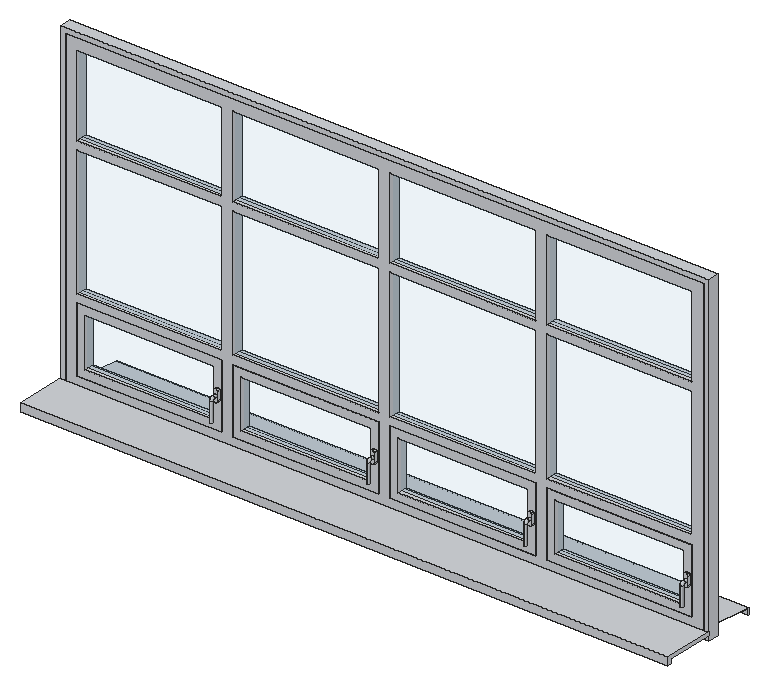
Revit family "AVLN_Окно_Две Фрамуга_4 створок", category Окна, Revit 2019
Family settings
  Основа = Стена
  Номер OmniClass = 23.30.20.00
  Заголовок OmniClass = Windows
  Всегда вертикально = Да
  При загрузке вырезать с полостями = Нет
  Общий = Нет
  Точка расчета площади = Нет
Parameters (values of type "Для копирования!")
  Ширина рамы = 70 mm
  Ширина импоста = 50 mm
  Четверть слева/справа = 50 mm
  Четверть низ = 0 mm  # constant formula
  Четверть верх = 50 mm
  Створка_снизу_высота = 400 mm
  Створка_сверху_высота = 500 mm
  Низ право центр открывание = АВЛН_Створка открывная : Створка повороно-откидная левая
  Низ право открывание = АВЛН_Створка открывная : Створка повороно-откидная левая
  Низ лево центр открывание = АВЛН_Створка открывная : Створка повороно-откидная левая
  Низ лево открывание = АВЛН_Створка открывная : Створка повороно-откидная левая
  Створка_толщина = 25 mm  # constant formula
  Толщина основы [instance] = 200 mm
  Створка_справа_центр_ширина = 900 mm
  Створка_справа_ширина = 895 mm
  Створка_слева_ширина = Width - ((Монтажный зазор * 2) + (Ширина рамы * 5) + Створка_слева_центр_ширина + Створка_справа_ширина + Створка_справа_центр_ширина)  # 895 mm
  Створка_профиль = 50 mm
  Створка_слева_центр_ширина = 900 mm
  Створка_центр_высота = Height - (Створка_снизу_высота + Створка_сверху_высота + (Ширина рамы * 2) + Ширина импоста * 2 + (Монтажный зазор * 2))  # 800 mm
  Центр право открывание = АВЛН_Створка открывная : Створка глухая
  Центр лево центр открывание = АВЛН_Створка открывная : Створка глухая
  Центр лево открывание = АВЛН_Створка открывная : Створка глухая
  Центр право центр открывание = АВЛН_Створка открывная : Створка глухая
  Rough Width = Width - Монтажный зазор * 2  # 3940 mm
  Rough Height = Height - Монтажный зазор * 2  # 1940 mm
  Подстановочный профиль_Ширина = 20 mm  # constant formula
  Подстановочный профиль_Толщина = 60 mm
  Подоконник_Толщина = 20 mm
  Подоконник_Длина = Width  # 4000 mm
  Подоконник_Глубина = 280 mm
  Подоконник = yes
  М.Заполнение нижней створки = none
  Глубина вставки = 0 mm
  Отлив_Толщина = 1 mm  # constant formula
  Отлив_Длина = Width - [Четверть слева/справа] * 2  # 3900 mm
  Отлив_Глубина = 280 mm
  Отлив = yes
  Откос_Н.Ширина = Width - 2 * [Четверть слева/справа]  # 3900 mm
  Откос_Н.Толщина.8 = 32 mm
  Откос_Н.Толщина.7 = 28 mm
  Откос_Н.Толщина.6 = 24 mm
  Откос_Н.Толщина.5 = 20 mm
  Откос_Н.Толщина.4 = 16 mm
  Откос_Н.Толщина.3 = 12 mm
  Откос_Н.Толщина.2 = 8 mm
  Откос_Н.Толщина.1 = 4 mm
  Откос_Н.Отступ_П = 0 mm  # constant formula
  Откос_Н.Отступ_Л = 0 mm  # constant formula
  Откос_Н.Количество слоев = 0
  Откос_Н.Глубина = 150 mm
  Откос_Н.Высота = Height - Четверть верх - Четверть низ  # 1950 mm
  Откос_В.Толщина.8 = 32 mm
  Откос_В.Толщина.7 = 28 mm
  Откос_В.Толщина.6 = 24 mm
  Откос_В.Толщина.5 = 20 mm
  Откос_В.Толщина.4 = 16 mm
  Откос_В.Толщина.3 = 12 mm
  Откос_В.Толщина.2 = 8 mm
  Откос_В.Толщина.1 = 4 mm
  Откос_В.Отступ_П [instance] = Монтажный зазор + Подоконник_Толщина  # 50 mm
  Откос_В.Отступ_Л [instance] = Монтажный зазор + Подоконник_Толщина  # 50 mm
  Откос_В.Количество слоев = 0
  Откос_В.Глубина [instance] = Толщина основы - Глубина вставки - Ширина рамы  # 130 mm
  Монтажный зазор = 30 mm
  М.Подоконник = none
  М.Отлив = none
  М.Откос_Н.8 = none
  М.Откос_Н.7 = none
  М.Откос_Н.6 = none
  М.Откос_Н.5 = none
  М.Откос_Н.4 = none
  М.Откос_Н.3 = none
  М.Откос_Н.2 = none
  М.Откос_Н.1 = none
  М.Откос_В.8 = none
  М.Откос_В.7 = none
  М.Откос_В.6 = none
  М.Откос_В.5 = none
  М.Откос_В.4 = none
  М.Откос_В.3 = none
  М.Откос_В.2 = none
  М.Откос_В.1 = none
  М.Монтажного зазора = none
  М.Стекла = none
  М.Рамы = none
  М.Подоконный профиль = none
  Type Comments = ""
  Height = 2000 mm
  Высота подоконника по умолчанию = 800 mm
  Замыкание стены = По основе
  Width = 4000 mm
  Верху право центр открывание = АВЛН_Створка открывная : Створка глухая
  Верх право открывание = АВЛН_Створка открывная : Створка глухая
  Верх лево центр открывание = АВЛН_Створка открывная : Створка глухая
  Верх лево открывание = АВЛН_Створка открывная : Створка глухая
  Аналитическая конструкция = "<Нет>"
  АВЛН_Проем_Ширина [instance] = Width  # 4000 mm
  АВЛН_Проем_Высота [instance] = Height  # 2000 mm
  ADSK_Этаж [instance] = ""
  ADSK_Размер_Ширина = Width  # 4000 mm
  ADSK_Размер_Высота = Height  # 2000 mm
  ADSK_Примечание [instance] = ""
  ADSK_Площадь = Height * Width  # 8.00 m²
  ADSK_Обозначение = ""
  ADSK_Номер секции [instance] = ""
  ADSK_Наименование = ""
  ADSK_Марка = ""
  ADSK_Группирование = ""
  -----------Разрезка----------- = "-----------"  # constant formula
  -----------Профили----------- = "-----------"  # constant formula
  -----------Подоконник----------- = "-----------"  # constant formula
  -----------Отлив----------- = "-----------"  # constant formula
  -----------Откос----------- = "-----------"  # constant formula
  -----------Основные габариты----------- = "-----------"  # constant formula
  -----------Вставка----------- = "-----------"  # constant formula
Reference planes
  plane 1 "По центру (Вперед/Назад)": y = 0
  plane 2 "По центру (Влево/Вправо)": x = 0
  plane 3 "Слева": x = -2000
  plane 4 "Справа": x = 2000
  plane 5 "Подоконник": z = 800
  plane 6 "Заголовок": z = 2800
  plane 7 "Наружный": y = 100
  plane 8 "Внутренние": y = -100
  plane 9 "Окно": y = 100
  plane 10: x = 1970
  plane 11: z = 2770
  plane 12: x = -1970
  plane 13: z = 830
  plane 14: x = 1950
  plane 15: x = -1950
  plane 16: z = 1800
  plane 17: y = 600
  plane 18: y = -400
  plane 19: z = 2750
  plane 20 "Чет. низ": z = 800
  plane 21 "Внутренняя грань": y = 30
  plane 22: y = 80
  plane 23 "Импост верх": z = 1350
  plane 24 "Импост низ": z = 1300
  plane 25: z = 900
  plane 26: z = 2700
  plane 27: x = -1900
  plane 28: x = 1900
  plane 29 "4": z = 1325
  plane 30 "5": x = -1005
  plane 31 "6": x = -935
  plane 32 "7": x = 935
  plane 33 "8": x = 1005
  plane 34 "10": x = 1452.5
  plane 35 "11": x = -1452.5
  plane 36 "12": z = 1750
  plane 37 "13": x = -485
  plane 38 "14": x = 485
  plane 39 "15": x = -35
  plane 40: z = 1100
  plane 41 "20": x = 35
  plane 42 "0": x = 0
  plane 43 "1": z = 2200
  plane 44 "2": z = 2150
  plane 45 "3": z = 2175
  plane 46 "17": z = 2450
Forms (mm)
  Extrusion 1, void
    sketch origin (0, 100, 0) x (1, 0, 0) y (0, 0, 1)
      loop
        line (1950, 2750) -> (-1950, 2750) -> (-1950, 800) -> (1950, 800) -> (1950, 2750)
    from -500 to 20
  Extrusion 2, void
    sketch origin (0, 100, 0) x (1, 0, 0) y (0, 0, 1)
      loop
        line (2000, 2800) -> (-2000, 2800) -> (-2000, 800) -> (2000, 800) -> (2000, 2800)
    from 0 to 500
  Extrusion 3, solid, material <- "М.Монтажного зазора", detail levels medium+fine
    sketch origin (0, 100, 0) x (1, 0, 0) y (0, 0, 1)
      loop
        line (2000, 2800) -> (-2000, 2800) -> (-2000, 800) -> (2000, 800) -> (2000, 2800)
      loop
        line (-1970, 2770) -> (-1970, 830) -> (1970, 830) -> (1970, 2770) -> (-1970, 2770)
    from 0 to 70
  Extrusion 4, solid, material <- "М.Рамы", detail levels medium+fine
    sketch origin (0, 100, 0) x (-1, 0, 0) y (0, 0, 1)
      loop
        line (-1970, 2770) -> (-1970, 830) -> (1970, 830) -> (1970, 2770) -> (-1970, 2770)
      loop
        line (935, 900) -> (935, 1300) -> (35, 1300) -> (35, 900) -> (935, 900)
      loop
        line (-935, 900) -> (-35, 900) -> (-35, 1300) -> (-935, 1300) -> (-935, 900)
      loop
        line (-1005, 2700) -> (-1900, 2700) -> (-1900, 2200) -> (-1005, 2200) -> (-1005, 2700)
      loop
        line (-1005, 900) -> (-1005, 1300) -> (-1900, 1300) -> (-1900, 900) -> (-1005, 900)
      loop
        line (935, 1350) -> (935, 2150) -> (35, 2150) -> (35, 1350) -> (935, 1350)
      loop
        line (-1005, 1350) -> (-1005, 2150) -> (-1900, 2150) -> (-1900, 1350) -> (-1005, 1350)
      loop
        line (-935, 1350) -> (-35, 1350) -> (-35, 2150) -> (-935, 2150) -> (-935, 1350)
      loop
        line (935, 2700) -> (35, 2700) -> (35, 2200) -> (935, 2200) -> (935, 2700)
      loop
        line (1005, 2700) -> (1005, 2200) -> (1900, 2200) -> (1900, 2700) -> (1005, 2700)
      loop
        line (1005, 1350) -> (1900, 1350) -> (1900, 2150) -> (1005, 2150) -> (1005, 1350)
      loop
        line (1005, 1300) -> (1005, 900) -> (1900, 900) -> (1900, 1300) -> (1005, 1300)
      loop
        line (-35, 2700) -> (-935, 2700) -> (-935, 2200) -> (-35, 2200) -> (-35, 2700)
    from -70 to 0
Lines and regions (mm)
  reference lines
    curve 1: line (-2000, -100, 1325) -> (2000, -100, 1325)
    curve 2: line (-970, -100, 2800) -> (-970, -100, 800)
    curve 3: line (970, -100, 2800) -> (970, -100, 800)
    curve 4: line (0, -100, 2800) -> (0, -100, 800)
    curve 5: line (-2000, -100, 2175) -> (2000, -100, 2175)
Text (mm)
  text "EXTERIOR" at (-1963.203, 1332.353, 0), in view "Опорный уровень"
  text "INTERIOR" at (-1981.466, -818.386, 0), in view "Опорный уровень"
  text "Наружный" at (0, 923.751, 2943.296), in view "Справа"
  text "Наружный" at (0, 1240.237, 2685.409), in view "Слева"
Dimensions and locks
  equal spacing: plane 3 "Слева", plane 2 "По центру (Влево/Вправо)", plane 4 "Справа"
  "Width": plane 3 "Слева" to plane 4 "Справа"
  "Height": plane 5 "Подоконник" to plane 6 "Заголовок"
  "Высота подоконника по умолчанию": plane 5 "Подоконник" to level
  locked: plane 7 "Наружный" to host wall at 0
  locked: plane 8 "Внутренние" to host wall
  "Глубина вставки": plane 9 "Окно" to plane 7 "Наружный"
  "Монтажный зазор": plane 10 to plane 4 "Справа"
  "Монтажный зазор": plane 3 "Слева" to plane 12
  "Монтажный зазор": plane 11 to plane 6 "Заголовок"
  "Монтажный зазор": plane 5 "Подоконник" to plane 13
  "Четверть слева/справа": plane 14 to plane 4 "Справа"
  "Четверть слева/справа": plane 3 "Слева" to plane 15
  equal spacing: plane 5 "Подоконник", plane 16, plane 6 "Заголовок"
  locked: plane 7 "Наружный" to plane 17 at 500
  locked: plane 18 to plane 8 "Внутренние" at 300
  "Четверть верх": plane 19 to plane 6 "Заголовок"
  "Четверть низ": plane 5 "Подоконник" to plane 20 "Чет. низ"
  "Ширина рамы": plane 9 "Окно" to plane 21 "Внутренняя грань"
  "Толщина основы": host wall to host wall
  locked: plane 22 to plane 21 "Внутренняя грань" at 50
  "Ширина импоста": plane 24 "Импост низ" to plane 23 "Импост верх"
  "Ширина рамы": plane 28 to plane 10
  "Ширина рамы": plane 12 to plane 27
  "Ширина рамы": plane 13 to plane 25
  "Ширина рамы": plane 26 to plane 11
  plane 23 "Импост верх" to plane 26 = 1350 mm
  "Створка_снизу_высота": plane 25 to plane 24 "Импост низ"
  equal spacing: plane 23 "Импост верх", plane 29 "4", plane 24 "Импост низ"
  "Створка_слева_ширина": plane 27 to plane 30 "5"
  "Ширина рамы": plane 30 "5" to plane 31 "6"
  "Ширина рамы": plane 32 "7" to plane 33 "8"
  "Створка_справа_ширина": plane 33 "8" to plane 28
  equal spacing: plane 32 "7", curve 3, plane 33 "8"
  equal spacing: plane 30 "5", curve 2, plane 31 "6"
  equal spacing: plane 33 "8", plane 34 "10", plane 28
  equal spacing: plane 27, plane 35 "11", plane 30 "5"
  equal spacing: plane 44 "2", plane 36 "12", plane 23 "Импост верх"
  equal spacing: plane 31 "6", plane 37 "13", plane 39 "15"
  equal spacing: plane 41 "20", plane 38 "14", plane 32 "7"
  equal spacing: plane 24 "Импост низ", plane 40, plane 25
  "Ширина импоста": plane 44 "2" to plane 43 "1"
  equal spacing: plane 43 "1", plane 45 "3", plane 44 "2"
  equal spacing: plane 26, plane 46 "17", plane 43 "1"
  "Створка_сверху_высота": plane 26 to plane 43 "1"
  equal spacing: plane 39 "15", plane 42 "0", plane 41 "20"
  "Ширина рамы": plane 39 "15" to plane 41 "20"
  "Створка_справа_центр_ширина": plane 41 "20" to plane 32 "7"
  plane 31 "6" to plane 39 "15" = 900 mm
  aligned and locked: Extrusion 1 sketch curve to plane 14
  aligned and locked: Extrusion 1 sketch curve to plane 15
  aligned and locked: Extrusion 1 to plane 17
  aligned and locked: Extrusion 2 sketch curve to plane 6 "Заголовок"
  aligned and locked: Extrusion 2 sketch curve to plane 4 "Справа"
  aligned and locked: plane 5 "Подоконник" to Extrusion 2 sketch curve
  aligned and locked: plane 3 "Слева" to Extrusion 2 sketch curve
  aligned and locked: Extrusion 2 to plane 9 "Окно"
  aligned and locked: Extrusion 2 to plane 18
  aligned and locked: Extrusion 1 sketch curve to plane 19
  aligned and locked: Extrusion 1 sketch curve to plane 20 "Чет. низ"
  aligned and locked: plane 9 "Окно" to nested 1
  aligned and locked: plane 2 "По центру (Влево/Вправо)" to nested 1
  aligned and locked: nested 2 to plane 21 "Внутренняя грань"
  aligned and locked: nested 2 to plane 2 "По центру (Влево/Вправо)"
  aligned and locked: nested 3 to plane 2 "По центру (Влево/Вправо)"
  aligned and locked: plane 8 "Внутренние" to nested 3
  aligned and locked: nested 4 to plane 9 "Окно"
  aligned and locked: Extrusion 3 sketch curve to plane 6 "Заголовок"
  aligned and locked: Extrusion 3 sketch curve to plane 4 "Справа"
  aligned and locked: Extrusion 3 sketch curve to nested 2  (x2)
  aligned and locked: Extrusion 3 sketch curve to plane 11
  aligned and locked: Extrusion 3 sketch curve to plane 12
  aligned and locked: Extrusion 3 sketch curve to plane 13
  aligned and locked: Extrusion 3 sketch curve to plane 10
  aligned and locked: Extrusion 3 to nested 2
  aligned and locked: nested 4 to plane 20 "Чет. низ"
  aligned and locked: nested 4 to plane 2 "По центру (Влево/Вправо)"
  aligned and locked: Extrusion 3 to plane 9 "Окно"
  aligned and locked: Extrusion 4 to plane 21 "Внутренняя грань"
  aligned and locked: Extrusion 4 to plane 9 "Окно"
  aligned and locked: Extrusion 1 to plane 22
  aligned and locked: curve 1 to plane 29 "4"
  aligned and locked: plane 3 "Слева" to curve 1
  aligned and locked: plane 4 "Справа" to curve 1
  aligned and locked: plane 6 "Заголовок" to curve 2
  aligned and locked: plane 6 "Заголовок" to curve 3
  aligned and locked: plane 5 "Подоконник" to curve 3
  aligned and locked: plane 5 "Подоконник" to curve 2
  aligned and locked: plane 34 "10" to nested 6
  aligned and locked: nested 6 to plane 36 "12"
  aligned and locked: plane 38 "14" to nested 8
  aligned and locked: plane 36 "12" to nested 8
  aligned and locked: plane 36 "12" to nested 7
  aligned and locked: plane 36 "12" to nested 5
  aligned and locked: plane 35 "11" to nested 5
  aligned and locked: plane 37 "13" to nested 7
  aligned and locked: plane 40 to nested 9
  aligned and locked: plane 35 "11" to nested 9
  aligned and locked: plane 40 to nested 10
  aligned and locked: plane 37 "13" to nested 10
  aligned and locked: plane 40 to nested 11
  aligned and locked: plane 38 "14" to nested 11
  aligned and locked: nested 12 to plane 40
  aligned and locked: plane 34 "10" to nested 12
  aligned and locked: Extrusion 4 sketch curve to plane 10
  aligned and locked: Extrusion 4 sketch curve to plane 13
  aligned and locked: Extrusion 4 sketch curve to plane 12
  aligned and locked: Extrusion 4 sketch curve to plane 11
  aligned and locked: Extrusion 4 sketch curve to plane 25  (x2)
  aligned and locked: plane 25 to Extrusion 4 sketch curve
  aligned and locked: plane 24 "Импост низ" to Extrusion 4 sketch curve  (x2)
  aligned and locked: plane 23 "Импост верх" to Extrusion 4 sketch curve  (x2)
  aligned and locked: plane 26 to Extrusion 4 sketch curve  (x2)
  aligned and locked: Extrusion 4 sketch curve to plane 26
  aligned and locked: Extrusion 4 sketch curve to plane 28  (x2)
  aligned and locked: plane 33 "8" to Extrusion 4 sketch curve  (x2)
  aligned and locked: plane 32 "7" to Extrusion 4 sketch curve  (x2)
  aligned and locked: Extrusion 4 sketch curve to plane 39 "15"  (x2)
  aligned and locked: plane 31 "6" to Extrusion 4 sketch curve  (x2)
  aligned and locked: plane 30 "5" to Extrusion 4 sketch curve  (x2)
  aligned and locked: Extrusion 4 sketch curve to plane 23 "Импост верх"
  aligned and locked: Extrusion 4 sketch curve to plane 24 "Импост низ"
  aligned and locked: Extrusion 4 sketch curve to plane 27  (x2)
  aligned and locked: plane 41 "20" to Extrusion 4 sketch curve  (x2)
  aligned and locked: curve 5 to plane 45 "3"
  aligned and locked: Extrusion 4 sketch curve to plane 43 "1"  (x3)
  aligned and locked: Extrusion 4 sketch curve to plane 44 "2"  (x3)
  aligned and locked: plane 43 "1" to Extrusion 4 sketch curve
  aligned and locked: plane 44 "2" to Extrusion 4 sketch curve
  aligned and locked: plane 35 "11" to nested 13
  aligned and locked: plane 37 "13" to nested 15
  aligned and locked: plane 38 "14" to nested 16
  aligned and locked: plane 34 "10" to nested 14
  aligned and locked: nested 14 to plane 46 "17"
  aligned and locked: plane 46 "17" to nested 13
  aligned and locked: plane 46 "17" to nested 15
  aligned and locked: plane 46 "17" to nested 16
Automatic sketch dimensions
  plane 3 "Слева" to curve 5 = 0 mm
  plane 4 "Справа" to curve 5 = 0 mm
  curve 4 to plane 5 "Подоконник" = 0 mm
  curve 4 to plane 6 "Заголовок" = 0 mm
  Extrusion 4 sketch curve to plane 25 = 0 mm
  Extrusion 4 sketch curve to plane 24 "Импост низ" = 0 mm
  Extrusion 4 sketch curve to plane 23 "Импост верх" = 0 mm
  Extrusion 4 sketch curve to plane 26 = 0 mm
  plane 28 to Extrusion 4 sketch curve = 0 mm
  Extrusion 4 sketch curve to plane 32 "7" = 0 mm
  plane 30 "5" to Extrusion 4 sketch curve = 0 mm
  Extrusion 4 sketch curve to plane 27 = 0 mm
  plane 41 "20" to Extrusion 4 sketch curve = 0 mm
  plane 33 "8" to Extrusion 4 sketch curve = 0 mm
  plane 39 "15" to Extrusion 4 sketch curve = 0 mm
  plane 31 "6" to Extrusion 4 sketch curve = 0 mm
  curve 4 to plane 39 "15" = 35 mm
Nested families
  nested 1: "Отлив" at (0, 100, 800) x (-1, 0, 0) z (0, 0, 1), Глубина отлива <- "Отлив_Глубина", Длина отлива <- "Отлив_Длина", ТО <- "Отлив_Толщина", Ш_МЗЗ <- "Монтажный зазор", Ш_ПП <- "Подстановочный профиль_Ширина", ADSK_Группирование <- "ADSK_Группирование", ADSK_Номер секции <- "ADSK_Номер секции", ADSK_Этаж <- "ADSK_Этаж", visible <- "Отлив", М <- "М.Отлив", type "Отлив", detail levels fine
    with Ш_ПП 20 mm, Ш_МЗЗ 30 mm, ТО 1 mm, М none, Длина отлива 3900 mm, Глубина отлива 280 mm, ADSK_Этаж "", ADSK_Примечание "", ADSK_Обозначение "", ADSK_Номер секции "", ADSK_Наименование "", ADSK_Марка "", ADSK_Группирование ""
  nested 2: "Подоконник" at (0, 30, 800), Глубина подоконника <- "Подоконник_Глубина", Длина отлива <- "Подоконник_Длина", ТП <- "Подоконник_Толщина", Ш_МЗЗ <- "Монтажный зазор", Ш_ПП <- "Подстановочный профиль_Ширина", ADSK_Группирование <- "ADSK_Группирование", ADSK_Номер секции <- "ADSK_Номер секции", ADSK_Этаж <- "ADSK_Этаж", visible <- "Подоконник", М <- "М.Подоконник", type "Подоконник", detail levels fine
    with Ш_ПП 20 mm, Ш_МЗЗ 30 mm, ТП 20 mm, М none, Длина отлива 4000 mm, Глубина подоконника 280 mm, ADSK_Этаж "", ADSK_Примечание "", ADSK_Обозначение "", ADSK_Номер секции "", ADSK_Наименование "", ADSK_Марка "", ADSK_Группирование ""
  nested 3: "AVLN_Откосы_R19" at (0, -100, 0), Глубина <- "Откос_В.Глубина", Высота от уровня <- "Высота подоконника по умолчанию", ADSK_Группирование <- "Type Comments", ADSK_Этаж <- "ADSK_Этаж", ADSK_Номер секции <- "ADSK_Номер секции", Материал_1 <- "М.Откос_В.1", Материал_2 <- "М.Откос_В.2", Материал_3 <- "М.Откос_В.3", Материал_4 <- "М.Откос_В.4", Материал_5 <- "М.Откос_В.5", Материал_6 <- "М.Откос_В.6", Материал_7 <- "М.Откос_В.7", Материал_8 <- "М.Откос_В.8", Толщина_1 <- "Откос_В.Толщина.1", Толщина_2 <- "Откос_В.Толщина.2", Толщина_3 <- "Откос_В.Толщина.3", Толщина_4 <- "Откос_В.Толщина.4", Толщина_5 <- "Откос_В.Толщина.5", Толщина_6 <- "Откос_В.Толщина.6", Толщина_7 <- "Откос_В.Толщина.7", Толщина_8 <- "Откос_В.Толщина.8", Количество слоев <- "Откос_В.Количество слоев", Отступ_Л <- "Откос_В.Отступ_Л", Отступ_П <- "Откос_В.Отступ_П", Высота <- "Height", Ширина <- "Width", type "AVLN_Откосы_R19"
    with Ширина_8 3776 mm, Ширина_7 3832 mm, Ширина_6 3880 mm, Ширина_5 3920 mm, Ширина_4 3952 mm, Ширина_3 3976 mm, Ширина_2 3992 mm, Ширина 4000 mm, Толщина_8 32 mm, Толщина_7 28 mm, Толщина_6 24 mm, Толщина_5 20 mm, Толщина_4 16 mm, Толщина_3 12 mm, Толщина_2 8 mm, Толщина_1 4 mm, Отступ_П 50 mm, Отступ_Л 50 mm, Материал_8 none, Материал_7 none, Материал_6 none, Материал_5 none, Материал_4 none, Материал_3 none, Материал_2 none, Материал_1 none, Количество слоев 0, Глубина 130 mm, Высота_8 1888 mm, Высота_7 1916 mm, Высота_6 1940 mm, Высота_5 1960 mm, Высота_4 1976 mm, Высота_3 1988 mm, Высота_2 1996 mm, Высота от уровня 800 mm, Высота 2000 mm, Видимость_8 no, Видимость_7 no, Видимость_6 no, Видимость_5 no, Видимость_4 no, Видимость_3 no, Видимость_2 no, Видимость_1 no, ADSK_Этаж "", ADSK_Номер секции "", ADSK_Группирование ""
  nested 4: "AVLN_Откосы_R19" at (0, 100, 0), Ширина <- "Откос_Н.Ширина", Глубина <- "Откос_Н.Глубина", Высота <- "Откос_Н.Высота", Высота от уровня <- "Высота подоконника по умолчанию", ADSK_Группирование <- "Type Comments", ADSK_Этаж <- "ADSK_Этаж", ADSK_Номер секции <- "ADSK_Номер секции", Материал_1 <- "М.Откос_Н.1", Материал_2 <- "М.Откос_Н.2", Материал_3 <- "М.Откос_Н.3", Материал_4 <- "М.Откос_Н.4", Материал_5 <- "М.Откос_Н.5", Материал_6 <- "М.Откос_Н.6", Материал_7 <- "М.Откос_Н.7", Материал_8 <- "М.Откос_Н.8", Толщина_1 <- "Откос_Н.Толщина.1", Толщина_2 <- "Откос_Н.Толщина.2", Толщина_3 <- "Откос_Н.Толщина.3", Толщина_4 <- "Откос_Н.Толщина.4", Толщина_5 <- "Откос_Н.Толщина.5", Толщина_6 <- "Откос_Н.Толщина.6", Толщина_7 <- "Откос_Н.Толщина.7", Толщина_8 <- "Откос_Н.Толщина.8", Количество слоев <- "Откос_Н.Количество слоев", Отступ_Л <- "Откос_Н.Отступ_Л", Отступ_П <- "Откос_Н.Отступ_П", type "AVLN_Откосы_R19"
    with Ширина_8 3676 mm, Ширина_7 3732 mm, Ширина_6 3780 mm, Ширина_5 3820 mm, Ширина_4 3852 mm, Ширина_3 3876 mm, Ширина_2 3892 mm, Ширина 3900 mm, Толщина_8 32 mm, Толщина_7 28 mm, Толщина_6 24 mm, Толщина_5 20 mm, Толщина_4 16 mm, Толщина_3 12 mm, Толщина_2 8 mm, Толщина_1 4 mm, Отступ_П 0 mm, Отступ_Л 0 mm, Материал_8 none, Материал_7 none, Материал_6 none, Материал_5 none, Материал_4 none, Материал_3 none, Материал_2 none, Материал_1 none, Количество слоев 0, Глубина 150 mm, Высота_8 1838 mm, Высота_7 1866 mm, Высота_6 1890 mm, Высота_5 1910 mm, Высота_4 1926 mm, Высота_3 1938 mm, Высота_2 1946 mm, Высота от уровня 800 mm, Высота 1950 mm, Видимость_8 no, Видимость_7 no, Видимость_6 no, Видимость_5 no, Видимость_4 no, Видимость_3 no, Видимость_2 no, Видимость_1 no, ADSK_Этаж "", ADSK_Номер секции "", ADSK_Группирование ""
  nested 5: "АВЛН_Створка открывная" at (-1452.5, 30, 1750) x (1, 0, 0) z (0, 1, 0), type <- "Центр лево открывание", Створка высота <- "Створка_центр_высота", Створка ширина <- "Створка_слева_ширина", Ширина рамы <- "Створка_профиль", Материал_Стеклопакет <- "М.Стекла", Материал_Рама <- "М.Рамы", Материал_Ручки <- "М.Рамы", type "Створка глухая", detail levels medium+fine
    with Ширина рамы 50 mm, Створка ширина 895 mm, Створка высота 800 mm, Материал_Стеклопакет none, Материал_Ручки none, Материал_Рама none, Width 895 mm, Height 800 mm
  nested 6: "АВЛН_Створка открывная" at (1452.5, 30, 1750) x (1, 0, 0) z (0, 1, 0), type <- "Центр право открывание", Створка высота <- "Створка_центр_высота", Створка ширина <- "Створка_справа_ширина", Ширина рамы <- "Створка_профиль", Материал_Стеклопакет <- "М.Стекла", Материал_Рама <- "М.Рамы", Материал_Ручки <- "М.Рамы", type "Створка глухая", detail levels medium+fine
    with Ширина рамы 50 mm, Створка ширина 895 mm, Створка высота 800 mm, Материал_Стеклопакет none, Материал_Ручки none, Материал_Рама none, Width 895 mm, Height 800 mm
  nested 7: "АВЛН_Створка открывная" at (-485, 30, 1750) x (1, 0, 0) z (0, 1, 0), Створка высота <- "Створка_центр_высота", Створка ширина <- "Створка_слева_центр_ширина", Ширина рамы <- "Створка_профиль", type <- "Центр лево центр открывание", Материал_Стеклопакет <- "М.Стекла", Материал_Рама <- "М.Рамы", Материал_Ручки <- "М.Рамы", type "Створка глухая", detail levels medium+fine
    with Ширина рамы 50 mm, Створка ширина 900 mm, Створка высота 800 mm, Материал_Стеклопакет none, Материал_Ручки none, Материал_Рама none, Width 895 mm, Height 800 mm
  nested 8: "АВЛН_Створка открывная" at (485, 30, 1750) x (1, 0, 0) z (0, 1, 0), Створка высота <- "Створка_центр_высота", Створка ширина <- "Створка_справа_центр_ширина", Ширина рамы <- "Створка_профиль", type <- "Центр право центр открывание", Материал_Стеклопакет <- "М.Стекла", Материал_Рама <- "М.Рамы", Материал_Ручки <- "М.Рамы", type "Створка глухая", detail levels medium+fine
    with Ширина рамы 50 mm, Створка ширина 900 mm, Створка высота 800 mm, Материал_Стеклопакет none, Материал_Ручки none, Материал_Рама none, Width 895 mm, Height 800 mm
  nested 9: "АВЛН_Створка открывная" at (-1452.5, 30, 1100) x (1, 0, 0) z (0, 1, 0), Створка высота <- "Створка_снизу_высота", Створка ширина <- "Створка_слева_ширина", Ширина рамы <- "Створка_профиль", type <- "Низ лево открывание", Материал_Стеклопакет <- "М.Заполнение нижней створки", Материал_Рама <- "М.Рамы", Материал_Ручки <- "М.Рамы", type "Створка повороно-откидная левая", detail levels medium+fine
    with Ширина рамы 50 mm, Створка ширина 895 mm, Створка высота 400 mm, Материал_Стеклопакет none, Материал_Ручки none, Материал_Рама none, Width 895 mm, Height 800 mm
  nested 10: "АВЛН_Створка открывная" at (-485, 30, 1100) x (1, 0, 0) z (0, 1, 0), Створка высота <- "Створка_снизу_высота", Створка ширина <- "Створка_слева_центр_ширина", Ширина рамы <- "Створка_профиль", type <- "Низ лево центр открывание", Материал_Стеклопакет <- "М.Заполнение нижней створки", Материал_Рама <- "М.Рамы", Материал_Ручки <- "М.Рамы", type "Створка повороно-откидная левая", detail levels medium+fine
    with Ширина рамы 50 mm, Створка ширина 900 mm, Створка высота 400 mm, Материал_Стеклопакет none, Материал_Ручки none, Материал_Рама none, Width 895 mm, Height 800 mm
  nested 11: "АВЛН_Створка открывная" at (485, 30, 1100) x (1, 0, 0) z (0, 1, 0), Створка высота <- "Створка_снизу_высота", Створка ширина <- "Створка_справа_центр_ширина", Ширина рамы <- "Створка_профиль", type <- "Низ право центр открывание", Материал_Стеклопакет <- "М.Заполнение нижней створки", Материал_Рама <- "М.Рамы", Материал_Ручки <- "М.Рамы", type "Створка повороно-откидная левая", detail levels medium+fine
    with Ширина рамы 50 mm, Створка ширина 900 mm, Створка высота 400 mm, Материал_Стеклопакет none, Материал_Ручки none, Материал_Рама none, Width 895 mm, Height 800 mm
  nested 12: "АВЛН_Створка открывная" at (1452.5, 30, 1100) x (1, 0, 0) z (0, 1, 0), type <- "Низ право открывание", Створка высота <- "Створка_снизу_высота", Створка ширина <- "Створка_справа_ширина", Ширина рамы <- "Створка_профиль", Материал_Стеклопакет <- "М.Заполнение нижней створки", Материал_Рама <- "М.Рамы", Материал_Ручки <- "М.Рамы", type "Створка повороно-откидная левая", detail levels medium+fine
    with Ширина рамы 50 mm, Створка ширина 895 mm, Створка высота 400 mm, Материал_Стеклопакет none, Материал_Ручки none, Материал_Рама none, Width 895 mm, Height 800 mm
  nested 13: "АВЛН_Створка открывная" at (-1452.5, 30, 2450) x (1, 0, 0) z (0, 1, 0), type <- "Верх лево открывание", Створка высота <- "Створка_сверху_высота", Створка ширина <- "Створка_слева_ширина", Ширина рамы <- "Створка_профиль", Материал_Стеклопакет <- "М.Стекла", Материал_Рама <- "М.Рамы", Материал_Ручки <- "М.Рамы", type "Створка глухая", detail levels medium+fine
    with Ширина рамы 50 mm, Створка ширина 895 mm, Створка высота 500 mm, Материал_Стеклопакет none, Материал_Ручки none, Материал_Рама none, Width 895 mm, Height 800 mm
  nested 14: "АВЛН_Створка открывная" at (1452.5, 30, 2450) x (1, 0, 0) z (0, 1, 0), type <- "Верх право открывание", Створка высота <- "Створка_сверху_высота", Створка ширина <- "Створка_справа_ширина", Ширина рамы <- "Створка_профиль", Материал_Стеклопакет <- "М.Стекла", Материал_Рама <- "М.Рамы", Материал_Ручки <- "М.Рамы", type "Створка глухая", detail levels medium+fine
    with Ширина рамы 50 mm, Створка ширина 895 mm, Створка высота 500 mm, Материал_Стеклопакет none, Материал_Ручки none, Материал_Рама none, Width 895 mm, Height 800 mm
  nested 15: "АВЛН_Створка открывная" at (-485, 30, 2450) x (1, 0, 0) z (0, 1, 0), Створка высота <- "Створка_сверху_высота", Створка ширина <- "Створка_слева_центр_ширина", Ширина рамы <- "Створка_профиль", type <- "Верх лево центр открывание", Материал_Стеклопакет <- "М.Стекла", Материал_Рама <- "М.Рамы", Материал_Ручки <- "М.Рамы", type "Створка глухая", detail levels medium+fine
    with Ширина рамы 50 mm, Створка ширина 900 mm, Створка высота 500 mm, Материал_Стеклопакет none, Материал_Ручки none, Материал_Рама none, Width 895 mm, Height 800 mm
  nested 16: "АВЛН_Створка открывная" at (485, 30, 2450) x (1, 0, 0) z (0, 1, 0), Створка высота <- "Створка_сверху_высота", Створка ширина <- "Створка_справа_центр_ширина", Ширина рамы <- "Створка_профиль", type <- "Верху право центр открывание", Материал_Стеклопакет <- "М.Стекла", Материал_Рама <- "М.Рамы", Материал_Ручки <- "М.Рамы", type "Створка глухая", detail levels medium+fine
    with Ширина рамы 50 mm, Створка ширина 900 mm, Створка высота 500 mm, Материал_Стеклопакет none, Материал_Ручки none, Материал_Рама none, Width 895 mm, Height 800 mm
Definition of nested family "Отлив"
  Parameters (values of type "Отлив")
    Ш_ПП [instance] = 50 mm
    Ш_МЗЗ [instance] = 35 mm
    ТО [instance] = 1 mm
    Default Elevation = 1219.2 mm
    М [instance] = none
    Длина отлива [instance] = 1560 mm
    Глубина отлива [instance] = 280 mm
    ADSK_Этаж [instance] = ""
    ADSK_Примечание [instance] = ""
    ADSK_Обозначение [instance] = ""
    ADSK_Номер секции [instance] = ""
    ADSK_Наименование [instance] = ""
    ADSK_Марка [instance] = ""
    ADSK_Группирование [instance] = ""
  Reference planes
    plane 1 "По центру (Вперед/Назад)": y = 0
    plane 2: z = 0
    plane 3 "По центру (Влево/Вправо)": x = 0
    plane 4: y = -280
    plane 5: x = -780
    plane 6: x = 780
    plane 7: z = 35
    plane 8: z = 85
    plane 9: y = -1
    plane 10: y = -300
    plane 11: y = -301
    plane 12: z = -35
    plane 13: z = 34
  Forms (mm)
    Extrusion 1, solid, material <- "М"
      sketch origin (0, 0, 0) x (0, 1, 0) y (0, 0, 1)
        loop
          line (0, 85) -> (-1, 85) -> (-1, 34.893) -> (-301, 0.893) -> (-301, -35) -> (-300, -35) -> (-300, 0) -> (0, 34) -> (0, 85)
      from -780 to 780
  Dimensions and locks
    equal spacing: plane 5, plane 3 "По центру (Влево/Вправо)", plane 6
    "Длина отлива": plane 5 to plane 6
    "Глубина отлива": plane 4 to plane 1 "По центру (Вперед/Назад)"
    "Ш_МЗЗ": plane 7 to level
    "Ш_ПП": plane 8 to plane 7
    "ТО": plane 1 "По центру (Вперед/Назад)" to plane 9
    "ТО": plane 10 to plane 11
    locked: level to plane 12 at 35
    "ТО": plane 7 to plane 13
    "ТО": Extrusion 1 sketch curve to Extrusion 1 sketch curve
    locked: plane 4 to plane 10 at 20
    aligned and locked: level to plane 2
    aligned and locked: plane 8 to Extrusion 1 sketch curve
    aligned and locked: plane 9 to Extrusion 1 sketch curve
    aligned and locked: plane 11 to Extrusion 1 sketch curve
    aligned and locked: plane 12 to Extrusion 1 sketch curve
    aligned and locked: plane 1 "По центру (Вперед/Назад)" to Extrusion 1 sketch curve  (x2)
    aligned and locked: plane 13 to Extrusion 1 sketch curve
    aligned and locked: level to Extrusion 1 sketch curve
    aligned and locked: plane 10 to Extrusion 1 sketch curve
    aligned and locked: plane 6 to Extrusion 1
    aligned and locked: Extrusion 1 to plane 5
Definition of nested family "Подоконник"
  Parameters (values of type "Подоконник")
    Ш_ПП [instance] = 50 mm
    Ш_МЗЗ [instance] = 35 mm
    ТП [instance] = 20 mm
    Default Elevation = 1219.2 mm
    М [instance] = none
    Длина отлива [instance] = 1560 mm
    Глубина подоконника [instance] = 280 mm
    ADSK_Этаж [instance] = ""
    ADSK_Примечание [instance] = ""
    ADSK_Обозначение [instance] = ""
    ADSK_Номер секции [instance] = ""
    ADSK_Наименование [instance] = ""
    ADSK_Марка [instance] = ""
    ADSK_Группирование [instance] = ""
  Reference planes
    plane 1 "По центру (Вперед/Назад)": y = 0
    plane 2: z = 0
    plane 3 "По центру (Влево/Вправо)": x = 0
    plane 4: y = -280
    plane 5: x = -780
    plane 6: x = 780
    plane 7: z = 35
    plane 8: z = 85
    plane 9: y = -20
    plane 10: y = -290
    plane 11: y = -310
    plane 12: z = -35
    plane 13: z = 15
    plane 14: z = 65
  Forms (mm)
    Extrusion 1, solid, material <- "М"
      sketch origin (0, 0, 0) x (0, 1, 0) y (0, 0, 1)
        loop
          line (0, 85) -> (-310, 85) -> (-310, 0) -> (-290, 0) -> (-290, 65) -> (0, 65) -> (0, 85)
      from -780 to 780
  Dimensions and locks
    equal spacing: plane 5, plane 3 "По центру (Влево/Вправо)", plane 6
    "Длина отлива": plane 5 to plane 6
    "Глубина подоконника": plane 4 to plane 1 "По центру (Вперед/Назад)"
    "Ш_МЗЗ": plane 7 to level
    "Ш_ПП": plane 8 to plane 7
    "ТП": plane 1 "По центру (Вперед/Назад)" to plane 9
    "ТП": plane 10 to plane 11
    locked: level to plane 12 at 35
    "ТП": plane 7 to plane 13
    locked: plane 4 to plane 10 at 10
    "ТП": plane 8 to plane 14
    aligned and locked: level to plane 2
    aligned and locked: plane 8 to Extrusion 1 sketch curve
    aligned and locked: plane 1 "По центру (Вперед/Назад)" to Extrusion 1 sketch curve
    aligned and locked: plane 10 to Extrusion 1 sketch curve
    aligned and locked: plane 11 to Extrusion 1 sketch curve
    aligned and locked: level to Extrusion 1 sketch curve
    aligned and locked: plane 14 to Extrusion 1 sketch curve
    aligned and locked: Extrusion 1 to plane 5
    aligned and locked: plane 6 to Extrusion 1
Definition of nested family "АВЛН_Створка открывная"
  Parameters (values of type "Створка повороно-откидная правая")
    Ширина рамы [instance] = 50 mm
    Width = 600 mm
    Створка ширина [instance] = 800 mm
    Створка высота [instance] = 700 mm
    Материал_Стеклопакет [instance] = none
    Поворотная Правая = yes
    Поворотная Левая = no
    Default Elevation = 1219.2 mm
    Открываная = yes
    Откидная = yes
    Материал_Ручки [instance] = none
    Материал_Рама [instance] = none
    Левая = yes
    Глухое = no
    Height = 1150 mm
    Analytic Construction = "<Нет>"
  Types (6, lengths in mm): name | Поворотная Правая | Поворотная Левая | Открываная | Откидная | Глухое
    Створка повороно-откидная правая | yes | no | yes | yes | no
    Створка повороно-откидная левая | no | yes | yes | yes | no
    Створка глухая | no | no | no | no | yes
    Створка откидная | no | no | yes | yes | no
    Створка поворотная правая | yes | no | yes | no | no
    Створка поворотная левая | no | yes | yes | no | no
  Reference planes
    plane 1 "По центру (Вперед/Назад)": y = 0
    plane 2 "Внутрення грань": z = 0
    plane 3 "По центру (Влево/Вправо)": x = 0
    plane 4: y = 350
    plane 5: x = 400
    plane 6: y = -350
    plane 7: x = -400
    plane 8 "Наружняя грань": z = 60.433
    plane 9 "По центру Л/Р": z = 30.216
  Forms (mm)
    Extrusion 1, solid
      sketch origin (0, 0, 0) x (1, 0, 0) y (0, 1, 0)
        loop
          line (-1219.2, 1219.2) -> (-1219.2, -1219.2) -> (1219.2, -1219.2) -> (1219.2, 1219.2) -> (-1219.2, 1219.2)
      from 0 to -304.8
    Sweep 2, solid, material <- "Материал_Рама", visible <- "Открываная"
      path origin (0, 0, 0) x (1, 0, 0) y (0, 1, 0)
        loop
          line (400, 350) -> (-400, 350) -> (-400, -350) -> (400, -350) -> (400, 350)
      profile origin (0, 350, 0) x (0, -1, 0) y (0, 0, 1)
        loop
          line (0, 0) -> (50, 0) -> (50, 60.433) -> (0, 60.433) -> (0, 0)
    Extrusion 3, solid, material <- "Материал_Стеклопакет", visible <- "Открываная"
      sketch origin (0, 0, 0) x (1, 0, 0) y (0, 1, 0)
        loop
          line (-350, 300) -> (-350, -300) -> (350, -300) -> (350, 300) -> (-350, 300)
      from 17.481 to 42.952
    Extrusion 4, solid, material <- "Материал_Стеклопакет", visible <- "Глухое"
      sketch origin (0, 0, 0) x (1, 0, 0) y (0, 1, 0)
        loop
          line (-400, 350) -> (-400, -350) -> (400, -350) -> (400, 350) -> (-400, 350)
      from 17.481 to 42.952
  Lines and regions (mm)
    model lines, visible <- "Глухое", detail levels medium+fine
      curve 1: line (0, 50, 60.433) -> (0, -50, 60.433)
      curve 2: line (50, 0, 60.433) -> (-50, 0, 60.433)
      curve 17: line (0, 50, 0) -> (0, -50, 0)
      curve 18: line (50, 0, 0) -> (-50, 0, 0)
    model lines, visible <- "Глухое", not visible, detail levels medium+fine
      curve 3: line (60, 38.001, 60.433) -> (60, -61.999, 60.433)
      curve 4: line (110, -11.999, 60.433) -> (10, -11.999, 60.433)
    model lines, visible <- "Поворотная Правая", detail levels medium+fine
      curve 5: line (400, 350, 0) -> (-400, 0, 0)
      curve 6: line (400, -350, 0) -> (-400, 0, 0)
      curve 13: line (400, 350, 60.433) -> (-400, 0, 60.433)
      curve 14: line (400, -350, 60.433) -> (-400, 0, 60.433)
    model lines, visible <- "Откидная", detail levels medium+fine
      curve 7: line (-400, -350, 0) -> (0, 350, 0)
      curve 8: line (0, 350, 0) -> (400, -350, 0)
      curve 15: line (-400, -350, 60.433) -> (0, 350, 60.433)
      curve 16: line (0, 350, 60.433) -> (400, -350, 60.433)
    model lines, visible <- "Поворотная Левая", detail levels medium+fine
      curve 9: line (-400, 350, 0) -> (400, 0, 0)
      curve 10: line (-400, -350, 0) -> (400, 0, 0)
      curve 11: line (-400, 350, 60.433) -> (400, 0, 60.433)
      curve 12: line (-400, -350, 60.433) -> (400, 0, 60.433)
  Dimensions and locks
    "Створка высота": plane 4 to plane 6
    "Створка ширина": plane 7 to plane 5
    equal spacing: plane 7, plane 3 "По центру (Влево/Вправо)", plane 5
    equal spacing: plane 6, plane 1 "По центру (Вперед/Назад)", plane 4
    plane 2 "Внутрення грань" to plane 8 "Наружняя грань" = 60.433 mm
    level to Extrusion 4 = 42.952 mm
    plane 8 "Наружняя грань" to level = 60.433 mm
    equal spacing: Extrusion 3, plane 9 "По центру Л/Р", Extrusion 3
    equal spacing: plane 8 "Наружняя грань", plane 9 "По центру Л/Р", level
    Extrusion 3 to Extrusion 3 = 25.471 mm
    "Ширина рамы": profile plane to Sweep 2 sketch curve
    equal spacing: Extrusion 4, plane 9 "По центру Л/Р", Extrusion 4, locked at 12.735 each
    locked: Extrusion 4 to Extrusion 4 at 25.471
    equal spacing: Sweep 2, nested 1, Sweep 2
    equal spacing: Sweep 2, nested 2, Sweep 2
    aligned and locked: plane 2 "Внутрення грань" to Extrusion 1
    aligned and locked: level to Extrusion 1
    aligned and locked: plane 4 to Sweep 2 sketch curve
    aligned and locked: plane 5 to Sweep 2 sketch curve
    aligned and locked: plane 6 to Sweep 2 sketch curve
    aligned and locked: Sweep 2 sketch curve to plane 7
    aligned and locked: Extrusion 3 sketch curve to Sweep 2  (x4)
    aligned and locked: Extrusion 4 sketch curve to Sweep 2  (x3)
    aligned and locked: Extrusion 4 sketch curve to plane 5
    aligned and locked: Sweep 2 sketch curve to plane 8 "Наружняя грань"
    aligned and locked: plane 6 to Extrusion 4
    aligned and locked: plane 4 to Extrusion 4
    aligned and locked: curve 2 to plane 1 "По центру (Вперед/Назад)"
    aligned and locked: curve 1 to plane 3 "По центру (Влево/Вправо)"
    aligned and locked: curve 18 to plane 1 "По центру (Вперед/Назад)"
    aligned and locked: curve 17 to plane 3 "По центру (Влево/Вправо)"
    aligned and locked: nested 2 to plane 1 "По центру (Вперед/Назад)"
    aligned and locked: nested 1 to plane 1 "По центру (Вперед/Назад)"
  Automatic sketch dimensions
    Extrusion 1 sketch curve to Extrusion 1 sketch curve = 2438.4 mm  (x2)
    plane 1 "По центру (Вперед/Назад)" to curve 5 = 0 mm
    curve 5 to plane 7 = 0 mm
    curve 9 to plane 4 = 0 mm
    curve 9 to plane 7 = 0 mm
    plane 6 to curve 7 = 0 mm
    curve 7 to plane 7 = 0 mm
    curve 7 to plane 3 "По центру (Влево/Вправо)" = 0 mm
    curve 6 to plane 5 = 0 mm
    plane 1 "По центру (Вперед/Назад)" to curve 9 = 0 mm
    curve 9 to plane 5 = 0 mm
    curve 5 to plane 4 = 0 mm
    curve 5 to plane 5 = 0 mm
    plane 6 to curve 8 = 0 mm
    curve 8 to plane 4 = 0 mm
    curve 11 to plane 4 = 0 mm
    curve 11 to plane 7 = 0 mm
    plane 6 to curve 15 = 0 mm
    curve 15 to plane 7 = 0 mm
    plane 1 "По центру (Вперед/Назад)" to curve 14 = 0 mm
    curve 14 to plane 7 = 0 mm
    curve 15 to plane 3 "По центру (Влево/Вправо)" = 0 mm
    plane 1 "По центру (Вперед/Назад)" to curve 11 = 0 mm
    curve 11 to plane 5 = 0 mm
    curve 14 to plane 5 = 0 mm
    curve 13 to plane 4 = 0 mm
    curve 13 to plane 5 = 0 mm
    plane 6 to curve 14 = 0 mm
    curve 15 to plane 4 = 0 mm
    plane 1 "По центру (Вперед/Назад)" to curve 2 = 0 mm
    curve 1 to plane 3 "По центру (Влево/Вправо)" = 0 mm
    curve 2 to plane 3 "По центру (Влево/Вправо)" = 50 mm
    plane 3 "По центру (Влево/Вправо)" to curve 2 = 50 mm
    plane 1 "По центру (Вперед/Назад)" to curve 1 = 50 mm
    curve 1 to plane 1 "По центру (Вперед/Назад)" = 50 mm
    curve 18 to curve 17 = 50 mm
    curve 17 to curve 18 = 50 mm
    plane 1 "По центру (Вперед/Назад)" to curve 17 = 50 mm
    curve 17 to plane 1 "По центру (Вперед/Назад)" = 50 mm
    Sweep 2 sketch curve to level = 0 mm
    Sweep 2 sketch curve to profile plane = 0 mm
  Nested families
    nested 1: "АВЛН_Ручка" at (375, 1040, 0) x (1, 0, 0) z (0, -1, 0), visible <- "Поворотная Левая", Материал дверной ручки <- "Материал_Рама", type "АВЛН_Ручка", detail levels fine
      with Материал дверной ручки none, Высота расположения дверной ручки 1040 mm
    nested 2: "АВЛН_Ручка" at (-375, 1040, 0) x (1, 0, 0) z (0, -1, 0), visible <- "Поворотная Правая", Материал дверной ручки <- "Материал_Рама", type "АВЛН_Ручка", detail levels fine
      with Материал дверной ручки none, Высота расположения дверной ручки 1040 mm
  Definition of nested family "АВЛН_Ручка"
    Parameters (values of type "АВЛН_Ручка")
      Default Elevation = 1219.2 mm
      Материал дверной ручки [instance] = none
      Высота расположения дверной ручки [instance] = 1040 mm
      Analytic Construction = "<Нет>"
      b = 25 mm
      a = 75 mm
    Reference planes
      plane 1 "По центру (Вперед/Назад)": y = 0
      plane 2: z = 0
      plane 3 "По центру (Влево/Вправо)": x = 0
      plane 4: z = 1040
      plane 5: x = 12.5
      plane 6: x = -12.5
      plane 7: z = 1002.5
      plane 8: z = 1077.5
      plane 9: y = -15
    Forms (mm)
      Extrusion 1, solid, material <- "Материал дверной ручки"
        sketch origin (0, 0, 2080) x (-1, 0, 0) y (0, 0, -1)
          loop
            arc (-2.5, 1077.5) -> (-9.571, 1074.571) -> (-12.5, 1067.5) r 10
            line (-12.5, 1067.5) -> (-12.5, 1012.5)
            arc (-12.5, 1012.5) -> (-9.571, 1005.429) -> (-2.5, 1002.5) r 10
            line (-2.5, 1002.5) -> (2.5, 1002.5)
            arc (2.5, 1002.5) -> (9.571, 1005.429) -> (12.5, 1012.5) r 10
            line (12.5, 1012.5) -> (12.5, 1067.5)
            arc (12.5, 1067.5) -> (9.571, 1074.571) -> (2.5, 1077.5) r 10
            line (2.5, 1077.5) -> (-2.5, 1077.5)
        from 0 to 15
      Sweep 2, solid, material <- "Материал дверной ручки"
        path origin (-1040, 0, 1040) x (0, 0, -1) y (0, 1, 0)
          loop
            line (0, -15) -> (0, -38.261)
            arc (0, -38.261) -> (-2.929, -45.332) -> (-10, -48.261) r 10
            line (-10, -48.261) -> (-130, -48.261)
        profile origin (-1040, -26.63, 1040) x (0, 0, -1) y (1, 0, 0)
          loop
            circle (0, 1040) r 8
    Dimensions and locks
      "Высота расположения дверной ручки": plane 4 to level
      "a": plane 7 to plane 8
      "b": plane 6 to plane 5
      plane 6 to plane 5 = 25 mm
      locked: plane 1 "По центру (Вперед/Назад)" to plane 9 at 15
      plane 7 to plane 8 = 75 mm
      aligned and locked: level to plane 2
      aligned and locked: Extrusion 1 sketch curve to plane 7
      aligned and locked: plane 5 to Extrusion 1 sketch curve
      aligned and locked: plane 8 to Extrusion 1 sketch curve
      aligned and locked: Extrusion 1 sketch curve to plane 6
      aligned and locked: Extrusion 1 to plane 1 "По центру (Вперед/Назад)"
    Automatic sketch dimensions
      Sweep 2 sketch curve to plane 9 = 0 mm
      plane 4 to Sweep 2 sketch curve = 10 mm
      plane 9 to Sweep 2 sketch curve = 23.261 mm
      Sweep 2 sketch curve to Sweep 2 sketch curve = 120 mm
      Sweep 2 sketch curve to profile plane = 0 mm
      profile plane to Sweep 2 sketch curve = 1040 mm
      Sweep 2 sketch curve to plane 4 = 0 mm
      plane 3 "По центру (Влево/Вправо)" to Extrusion 1 sketch curve = 2.5 mm  (x2)
      Extrusion 1 sketch curve to plane 3 "По центру (Влево/Вправо)" = 2.5 mm  (x2)
      radius of Sweep 2 sketch curve = 8 mm
Definition of nested family "AVLN_Откосы_R19"
  Parameters (values of type "AVLN_Откосы_R19")
    Ширина_8 [instance] = Ширина_7 - Толщина_7 * 2  # 776 mm
    Ширина_7 [instance] = Ширина_6 - Толщина_6 * 2  # 832 mm
    Ширина_6 [instance] = Ширина_5 - Толщина_5 * 2  # 880 mm
    Ширина_5 [instance] = Ширина_4 - Толщина_4 * 2  # 920 mm
    Ширина_4 [instance] = Ширина_3 - Толщина_3 * 2  # 952 mm
    Ширина_3 [instance] = Ширина_2 - Толщина_2 * 2  # 976 mm
    Ширина_2 [instance] = Ширина - Толщина_1 * 2  # 992 mm
    Ширина [instance] = 1000 mm
    Толщина_8 [instance] = 32 mm
    Толщина_7 [instance] = 28 mm
    Толщина_6 [instance] = 24 mm
    Толщина_5 [instance] = 20 mm
    Толщина_4 [instance] = 16 mm
    Толщина_3 [instance] = 12 mm
    Толщина_2 [instance] = 8 mm
    Толщина_1 [instance] = 4 mm
    Отступ_П [instance] = 0 mm
    Отступ_Л [instance] = 0 mm
    Default Elevation = 1219.2 mm
    Материал_8 [instance] = none
    Материал_7 [instance] = none
    Материал_6 [instance] = none
    Материал_5 [instance] = none
    Материал_4 [instance] = none
    Материал_3 [instance] = none
    Материал_2 [instance] = none
    Материал_1 [instance] = none
    Type Comments = ""
    Количество слоев [instance] = 8
    Глубина [instance] = 200 mm
    Высота_8 [instance] = Высота_7 - Толщина_7  # 1388 mm
    Высота_7 [instance] = Высота_6 - Толщина_6  # 1416 mm
    Высота_6 [instance] = Высота_5 - Толщина_5  # 1440 mm
    Высота_5 [instance] = Высота_4 - Толщина_4  # 1460 mm
    Высота_4 [instance] = Высота_3 - Толщина_3  # 1476 mm
    Высота_3 [instance] = Высота_2 - Толщина_2  # 1488 mm
    Высота_2 [instance] = Высота - Толщина_1  # 1496 mm
    Высота от уровня [instance] = 377.189 mm
    Высота [instance] = 1500 mm
    Видимость_8 [instance] = Количество слоев > 7  # yes
    Видимость_7 [instance] = Количество слоев > 6  # yes
    Видимость_6 [instance] = Количество слоев > 5  # yes
    Видимость_5 [instance] = Количество слоев > 4  # yes
    Видимость_4 [instance] = Количество слоев > 3  # yes
    Видимость_3 [instance] = Количество слоев > 2  # yes
    Видимость_2 [instance] = Количество слоев > 1  # yes
    Видимость_1 [instance] = Количество слоев > 0  # yes
    ADSK_Этаж [instance] = ""
    ADSK_Номер секции [instance] = ""
    ADSK_Группирование [instance] = ""
  Reference planes
    plane 1 "По центру (Вперед/Назад)": y = 0
    plane 2: z = 0
    plane 3 "По центру (Влево/Вправо)": x = 0
    plane 4: y = 200
    plane 5: z = 377.189
  Dimensions and locks
    "Глубина": plane 4 to plane 1 "По центру (Вперед/Назад)"
    "Высота от уровня": plane 5 to level
    aligned and locked: level to plane 2
    aligned and locked: plane 3 "По центру (Влево/Вправо)" to nested 1
    aligned and locked: nested 1 to plane 1 "По центру (Вперед/Назад)"
    aligned and locked: plane 3 "По центру (Влево/Вправо)" to nested 2
    aligned and locked: nested 2 to plane 1 "По центру (Вперед/Назад)"
    aligned and locked: plane 3 "По центру (Влево/Вправо)" to nested 3
    aligned and locked: nested 3 to plane 1 "По центру (Вперед/Назад)"
    aligned and locked: plane 3 "По центру (Влево/Вправо)" to nested 4
    aligned and locked: nested 4 to plane 1 "По центру (Вперед/Назад)"
    aligned and locked: plane 3 "По центру (Влево/Вправо)" to nested 5
    aligned and locked: nested 5 to plane 1 "По центру (Вперед/Назад)"
    aligned and locked: plane 3 "По центру (Влево/Вправо)" to nested 6
    aligned and locked: nested 6 to plane 1 "По центру (Вперед/Назад)"
    aligned and locked: plane 3 "По центру (Влево/Вправо)" to nested 7
    aligned and locked: nested 7 to plane 1 "По центру (Вперед/Назад)"
    aligned and locked: plane 3 "По центру (Влево/Вправо)" to nested 8
    aligned and locked: nested 8 to plane 1 "По центру (Вперед/Назад)"
  Nested families
    nested 1: "Откос_R1" at (0, 100, 377.189), ADSK_Размер_Глубина <- "Глубина", built-in parameter 1001364 <- "Высота от уровня", ADSK_Группирование <- "ADSK_Группирование", ADSK_Номер секции <- "ADSK_Номер секции", ADSK_Этаж <- "ADSK_Этаж", visible <- "Видимость_1", Видимость <- "Видимость_1", Материал <- "Материал_1", ADSK_Размер_Высота <- "Высота", ADSK_Размер_Толщина <- "Толщина_1", ADSK_Размер_Ширина <- "Ширина", Отступ_Л <- "Отступ_Л", Отступ_П <- "Отступ_П", type "Откос_R19 2"
      with Площадь 0.80 m², Отступ_П 0 mm, Отступ_Л 0 mm, Материал none, Видимость yes, ADSK_Этаж "", ADSK_Размер_Ширина 1000 mm, ADSK_Размер_Толщина 4 mm, ADSK_Размер_Глубина 200 mm, ADSK_Размер_Высота 1500 mm, ADSK_Номер секции "", ADSK_Группирование ""
    nested 2: "Откос_R1" at (0, 100, 377.189), ADSK_Размер_Глубина <- "Глубина", built-in parameter 1001364 <- "Высота от уровня", ADSK_Группирование <- "ADSK_Группирование", ADSK_Номер секции <- "ADSK_Номер секции", ADSK_Этаж <- "ADSK_Этаж", visible <- "Видимость_2", Видимость <- "Видимость_2", Материал <- "Материал_2", ADSK_Размер_Высота <- "Высота_2", ADSK_Размер_Толщина <- "Толщина_2", ADSK_Размер_Ширина <- "Ширина_2", Отступ_Л <- "Отступ_Л", Отступ_П <- "Отступ_П", type "Откос_R19 2"
      with Площадь 0.7968 m², Отступ_П 0 mm, Отступ_Л 0 mm, Материал none, Видимость yes, ADSK_Этаж "", ADSK_Размер_Ширина 992 mm, ADSK_Размер_Толщина 8 mm, ADSK_Размер_Глубина 200 mm, ADSK_Размер_Высота 1496 mm, ADSK_Номер секции "", ADSK_Группирование ""
    nested 3: "Откос_R1" at (0, 100, 377.189), ADSK_Размер_Глубина <- "Глубина", built-in parameter 1001364 <- "Высота от уровня", ADSK_Группирование <- "ADSK_Группирование", ADSK_Номер секции <- "ADSK_Номер секции", ADSK_Этаж <- "ADSK_Этаж", visible <- "Видимость_3", Видимость <- "Видимость_3", Материал <- "Материал_3", ADSK_Размер_Высота <- "Высота_3", ADSK_Размер_Толщина <- "Толщина_3", ADSK_Размер_Ширина <- "Ширина_3", Отступ_Л <- "Отступ_Л", Отступ_П <- "Отступ_П", type "Откос_R19 2"
      with Площадь 0.7904 m², Отступ_П 0 mm, Отступ_Л 0 mm, Материал none, Видимость yes, ADSK_Этаж "", ADSK_Размер_Ширина 976 mm, ADSK_Размер_Толщина 12 mm, ADSK_Размер_Глубина 200 mm, ADSK_Размер_Высота 1488 mm, ADSK_Номер секции "", ADSK_Группирование ""
    nested 4: "Откос_R1" at (0, 100, 377.189), ADSK_Размер_Глубина <- "Глубина", built-in parameter 1001364 <- "Высота от уровня", ADSK_Группирование <- "ADSK_Группирование", ADSK_Номер секции <- "ADSK_Номер секции", ADSK_Этаж <- "ADSK_Этаж", visible <- "Видимость_4", Видимость <- "Видимость_4", Материал <- "Материал_4", ADSK_Размер_Высота <- "Высота_4", ADSK_Размер_Толщина <- "Толщина_4", ADSK_Размер_Ширина <- "Ширина_4", Отступ_Л <- "Отступ_Л", Отступ_П <- "Отступ_П", type "Откос_R19 2"
      with Площадь 0.7808 m², Отступ_П 0 mm, Отступ_Л 0 mm, Материал none, Видимость yes, ADSK_Этаж "", ADSK_Размер_Ширина 952 mm, ADSK_Размер_Толщина 16 mm, ADSK_Размер_Глубина 200 mm, ADSK_Размер_Высота 1476 mm, ADSK_Номер секции "", ADSK_Группирование ""
    nested 5: "Откос_R1" at (0, 100, 377.189), ADSK_Размер_Глубина <- "Глубина", built-in parameter 1001364 <- "Высота от уровня", ADSK_Группирование <- "ADSK_Группирование", ADSK_Номер секции <- "ADSK_Номер секции", ADSK_Этаж <- "ADSK_Этаж", visible <- "Видимость_5", Видимость <- "Видимость_5", Материал <- "Материал_5", ADSK_Размер_Высота <- "Высота_5", ADSK_Размер_Толщина <- "Толщина_5", ADSK_Размер_Ширина <- "Ширина_5", Отступ_Л <- "Отступ_Л", Отступ_П <- "Отступ_П", type "Откос_R19 2"
      with Площадь 0.768 m², Отступ_П 0 mm, Отступ_Л 0 mm, Материал none, Видимость yes, ADSK_Этаж "", ADSK_Размер_Ширина 920 mm, ADSK_Размер_Толщина 20 mm, ADSK_Размер_Глубина 200 mm, ADSK_Размер_Высота 1460 mm, ADSK_Номер секции "", ADSK_Группирование ""
    nested 6: "Откос_R1" at (0, 100, 377.189), ADSK_Размер_Глубина <- "Глубина", built-in parameter 1001364 <- "Высота от уровня", ADSK_Группирование <- "ADSK_Группирование", ADSK_Номер секции <- "ADSK_Номер секции", ADSK_Этаж <- "ADSK_Этаж", visible <- "Видимость_6", Видимость <- "Видимость_6", Материал <- "Материал_6", ADSK_Размер_Высота <- "Высота_6", ADSK_Размер_Толщина <- "Толщина_6", ADSK_Размер_Ширина <- "Ширина_6", Отступ_Л <- "Отступ_Л", Отступ_П <- "Отступ_П", type "Откос_R19 2"
      with Площадь 0.752 m², Отступ_П 0 mm, Отступ_Л 0 mm, Материал none, Видимость yes, ADSK_Этаж "", ADSK_Размер_Ширина 880 mm, ADSK_Размер_Толщина 24 mm, ADSK_Размер_Глубина 200 mm, ADSK_Размер_Высота 1440 mm, ADSK_Номер секции "", ADSK_Группирование ""
    nested 7: "Откос_R1" at (0, 100, 377.189), ADSK_Размер_Глубина <- "Глубина", built-in parameter 1001364 <- "Высота от уровня", ADSK_Группирование <- "ADSK_Группирование", ADSK_Номер секции <- "ADSK_Номер секции", ADSK_Этаж <- "ADSK_Этаж", visible <- "Видимость_7", Видимость <- "Видимость_7", Материал <- "Материал_7", ADSK_Размер_Высота <- "Высота_7", ADSK_Размер_Толщина <- "Толщина_7", ADSK_Размер_Ширина <- "Ширина_7", Отступ_Л <- "Отступ_Л", Отступ_П <- "Отступ_П", type "Откос_R19 2"
      with Площадь 0.7328 m², Отступ_П 0 mm, Отступ_Л 0 mm, Материал none, Видимость yes, ADSK_Этаж "", ADSK_Размер_Ширина 832 mm, ADSK_Размер_Толщина 28 mm, ADSK_Размер_Глубина 200 mm, ADSK_Размер_Высота 1416 mm, ADSK_Номер секции "", ADSK_Группирование ""
    nested 8: "Откос_R1" at (0, 100, 377.189), ADSK_Размер_Глубина <- "Глубина", built-in parameter 1001364 <- "Высота от уровня", ADSK_Группирование <- "ADSK_Группирование", ADSK_Номер секции <- "ADSK_Номер секции", ADSK_Этаж <- "ADSK_Этаж", visible <- "Видимость_8", Видимость <- "Видимость_8", Материал <- "Материал_8", ADSK_Размер_Высота <- "Высота_8", ADSK_Размер_Толщина <- "Толщина_8", ADSK_Размер_Ширина <- "Ширина_8", Отступ_Л <- "Отступ_Л", Отступ_П <- "Отступ_П", type "Откос_R19 2"
      with Площадь 0.7104 m², Отступ_П 0 mm, Отступ_Л 0 mm, Материал none, Видимость yes, ADSK_Этаж "", ADSK_Размер_Ширина 776 mm, ADSK_Размер_Толщина 32 mm, ADSK_Размер_Глубина 200 mm, ADSK_Размер_Высота 1388 mm, ADSK_Номер секции "", ADSK_Группирование ""
  Definition of nested family "Откос_R1"
    Parameters (values of type "Откос_R19")
      Площадь [instance] = (ADSK_Размер_Ширина + 2 * ADSK_Размер_Высота) * ADSK_Размер_Глубина  # 2.93564 m²
      Отступ_П [instance] = 0 mm
      Отступ_Л [instance] = 0 mm
      Материал [instance] = none
      Model = "Внутренний слой откоса"  # constant formula
      Видимость [instance] = yes
      ADSK_Этаж [instance] = ""
      ADSK_Размер_Ширина [instance] = 1880 mm
      ADSK_Размер_Толщина [instance] = 164.158 mm
      ADSK_Размер_Глубина [instance] = 560 mm
      ADSK_Размер_Высота [instance] = 1681.106 mm
      ADSK_Примечание = ""
      ADSK_Обозначение = ""
      ADSK_Номер секции [instance] = ""
      ADSK_Наименование = ""
      ADSK_Марка = ""
      ADSK_Группирование [instance] = ""
    Reference planes
      plane 1 "По центру (Вперед/Назад)": y = 0
      plane 2: z = 0
      plane 3 "По центру (Влево/Вправо)": x = 0
      plane 4: x = -940
      plane 5: x = 940
      plane 6: y = 280
      plane 7: y = -280
      plane 8: x = -775.842
      plane 9: z = 1681.106
      plane 10: z = 0
      plane 11: z = 0
    Forms (mm)
      Sweep 1, solid, material <- "Материал", visible <- "Видимость"
        path origin (0, 0, 0) x (1, 0, 0) y (0, 0, 1)
          loop
            line (940, 0) -> (940, 1681.106) -> (-940, 1681.106) -> (-940, 0)
        profile origin (-940, 0, 840.553) x (0, -1, 0) y (1, 0, 0)
          loop
            line (-280, 0) -> (280, 0) -> (280, 164.158) -> (-280, 164.158) -> (-280, 0)
    Dimensions and locks
      equal spacing: plane 6, plane 1 "По центру (Вперед/Назад)", plane 7
      equal spacing: plane 4, plane 3 "По центру (Влево/Вправо)", plane 5
      "ADSK_Размер_Толщина": plane 4 to plane 8
      "ADSK_Размер_Глубина": plane 6 to plane 7
      "ADSK_Размер_Высота": plane 9 to level
      "ADSK_Размер_Ширина": plane 5 to plane 4
      "Отступ_Л": plane 10 to level
      "Отступ_П": plane 11 to level
      aligned and locked: level to plane 2
      aligned and locked: Sweep 1 sketch curve to plane 4
      aligned and locked: Sweep 1 sketch curve to plane 9
      aligned and locked: Sweep 1 sketch curve to plane 5
      aligned and locked: plane 6 to Sweep 1 sketch curve
      aligned and locked: profile plane to Sweep 1 sketch curve
      aligned and locked: Sweep 1 sketch curve to plane 7
      aligned and locked: plane 8 to Sweep 1 sketch curve
      aligned and locked: plane 10 to Sweep 1 sketch curve
      aligned and locked: plane 11 to Sweep 1 sketch curve
